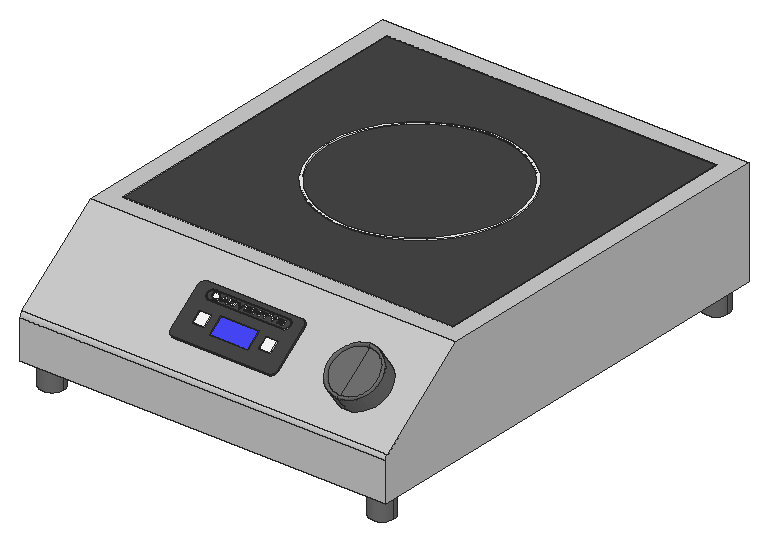
Revit family "QF_ADVENTYS_GLN_3500_K_250901092649", category Specialty Equipment, Revit 2021
Family settings
  Round Connector Dimension = Use Diameter
  Part Type = Normal
  OmniClass Number = 23.40.40.14
  OmniClass Title = Food Service Equipment
  Work Plane-Based = No
  Always vertical = Yes
  Cut with Voids When Loaded = No
  Shared = No
  Room Calculation Point = No
Parameters (values of type "ADV2030")
  Weight in Pounds [instance] = 0
  Weight = 4.40 kg
  Warranty Start Date [instance] = ""
  Warranty Duration [instance] = ""
  Volts [instance] = 230 V
  URL Recommended Spares List = ""
  URL Manufacturer = ""
  URL Cutsheet = ""
  URL Critical Spares List = ""
  URL = "www.adventys.com"
  Tag Number [instance] = ""
  Status [instance] = ""
  Specification by User [instance] = ""
  Specification by Manufacturer [instance] = ""
  Sound Level [instance] = ""
  Solid Fuel Type [instance] = ""
  Service Life Duration [instance] = ""
  Serial Number [instance] = ""
  Seismic Rating [instance] = ""
  SMACNA No [instance] = ""
  Revision Code [instance] = ""
  Revision [instance] = ""
  Production Year [instance] = ""
  Point Load [instance] = 0
  Phase [instance] = 1
  Other Equipment Approvals [instance] = ""
  Number of Poles [instance] = 2
  NAFEM Spec ID Number [instance] = ""
  Model Warning [instance] = ""
  Model = "GLN 3500 K"
  Min Ckt Ampacity [instance] = 0 A
  Max Overcurrent Protection [instance] = 25 A
  Masterspec [instance] = ""
  Manufacturer = "ADVENTYS"
  Length Actual = 310 mm
  Item Number [instance] = ""
  Installed By [instance] = ""
  Installation Date [instance] = ""
  Identify Quantity as Lot [instance] = no
  ID [instance] = ""
  Hygiene Approval [instance] = ""
  Hot Water Consumption = 0.0 L/s
  Height Actual = 126 mm
  HP power [instance] = ""
  Furnished By [instance] = ""
  Foodservice Equipment Identifier [instance] = no
  FL Amps [instance] = 16 A
  Electrical Remarks [instance] = ""
  Electric power [instance] = 0 W
  Electric Connection Type [instance] = ""
  Elec Conn RI Height [instance] = 0 mm
  Elec Conn Connection Height [instance] = 0 mm
  ETL Approved [instance] = no
  Description = "1 ZONE UNIT – FREESTANDING INDUCTION COOKING APPLIANCE - KNOB CONTROL PANEL"
  Depth Actual = 392 mm
  Default Elevation = 0 mm
  Cycle [instance] = 50 Hz
  Cost = 0
  Conn Plug [instance] = ""
  Conn Conduit [instance] = no
  CSI MasterFormat [instance] = ""
  CE Approved [instance] = no
  Barcode [instance] = 0
  Author [instance] = ""
  Asset Identifier [instance] = ""
  Apparent Power [instance] = 3500 VA
  Accessory = no
Reference planes
  plane 1 "Center (Front/Back)": y = 0
  plane 2: z = 0
  plane 3 "Center (Left/Right)": x = 0
Forms (mm)
  Extrusion 1, solid, not visible
    sketch origin (265.013, -25.001, 27.001) x (1, 0, 0) y (0, 1, 0)
      loop
        line (-2, 2) -> (-2, -2) -> (2, -2) -> (2, 2) -> (-2, 2)
    from -2 to 2
Dimensions and locks
  locked: nested 2 to Extrusion 1 at 2  (x2)
  aligned and locked: level to plane 2
Nested families
  nested 1: "QF_ADVENTYS_ADV2021_2916" at (0, 0, 0), type "ADV2030"
    with Status "", Show Logo yes, Show Clearance yes
  nested 2: "CONN_POINT_ELE_2D___Generic_Annotation" at (265.013, -25.001, 25.001), type "CONN_POINT_ELE_2D___Generic_Annotation"
    with Onboard connection annotation symbol visibility yes
Connectors
  electrical at (265.013, -25.001, 25.001), driven by "Apparent Power", driven by "Number of Poles", driven by "Volts"
    settings: on Extrusion 1, index 1, voltage 230 V, apparent load 0 VA, apparent load phase1 3500 VA, apparent load phase2 0 VA, apparent load phase3 0 VA, power factor 1, load classification "Other", number of poles 2, system type 31, power factor state 1, is connector primary yes, connector utility no, sub classification motor no, connector description "Electrical connection for GLN 3500 K"
Definition of nested family "QF_ADVENTYS_ADV2021_2916"
  Parameters (values of type "ADV2021")
    URL = "www.adventys.com"
    Status [instance] = ""
    Show Logo [instance] = yes
    Show Clearance [instance] = yes
    Model = "GLN 3000 K"
    Manufacturer = "ADVENTYS"
    Description = "1 ZONE UNIT – FREESTANDING INDUCTION COOKING APPLIANCE - KNOB CONTROL PANEL"
    Default Elevation = 0 mm
    Author = "SPECIFI"
    Assembly Code = "E1090320"
  Types (3, lengths in mm): name | Model
    ADV2030 | "GLN 3500 K"
    ADV2021 | "GLN 3000 K"
    ADV2029 | "GLN 2500 K"
  Reference planes
    plane 1 "Back": y = 0
    plane 2: z = 0
    plane 3 "Left": x = 0
    plane 4 "Right": x = 310
    plane 5 "Front": y = -385
    plane 6 "Top": z = 110
    plane 7: x = 155
    plane 8: y = -155
  Forms (mm)
    Extrusion 1, solid
      sketch origin (0, 0, 0) x (1, 0, 0) y (0, 1, 0)
        loop
          line (0, 0) -> (0, -310) -> (310, -310) -> (310, 0) -> (0, 0)
        loop
          line (15, -15) -> (15, -295) -> (295, -295) -> (295, -15) -> (15, -15)
      from 20 to 110
    Extrusion 2, solid
      sketch origin (0, 0, 0) x (1, 0, 0) y (0, 1, 0)
        loop
          line (15, -15) -> (15, -295) -> (295, -295) -> (295, -15) -> (15, -15)
      from 101.726 to 110
    Extrusion 3, solid
      sketch origin (0, 0, -19.538) x (1, 0, 0) y (0, 1, 0)
        loop
          circle (155, -155) r 80
        loop
          circle (155, -155) r 78
      from 128 to 130
    Extrusion 4, solid
      sketch origin (0, 0, 0) x (0, 1, 0) y (0, 0, 1)
        loop
          line (-310, 20) -> (-310, 110) -> (-382.957, 56.498)
          arc (-382.957, 56.498) -> (-384.46, 54.726) -> (-385, 52.466) r 5
          line (-385, 52.466) -> (-385, 20) -> (-310, 20)
      from 0 to 310
    Extrusion 5, solid
      sketch origin (0, 0, -81.726) x (1, 0, 0) y (0, 1, 0)
        loop
          line (15, -15) -> (15, -295) -> (295, -295) -> (295, -15) -> (15, -15)
      from 101.726 to 110
    Extrusion 6, solid
      sketch origin (0, 0, 0) x (1, 0, 0) y (0, 1, 0)
        loop
          circle (15, -15) r 10
        loop
          circle (295, -15) r 10
        loop
          circle (295, -370) r 10
        loop
          circle (15, -370) r 10
      from 0 to 20
    Extrusion 7, solid
      sketch origin (-4.081, 0, 0) x (0, 1, 0) y (0, 0, 1)
        loop
          line (0, 97.125) -> (0, 91.484) -> (5.641, 91.484)
          arc (5.641, 91.484) -> (3.989, 95.473) -> (0, 97.125) r 5.641
        loop
          line (0, 79.125) -> (0, 73.484) -> (5.641, 73.484)
          arc (5.641, 73.484) -> (3.989, 77.473) -> (0, 79.125) r 5.641
        loop
          line (0, 61.125) -> (0, 55.484) -> (5.641, 55.484)
          arc (5.641, 55.484) -> (3.989, 59.473) -> (0, 61.125) r 5.641
        loop
          line (0, 43.125) -> (0, 37.484) -> (5.641, 37.484)
          arc (5.641, 37.484) -> (3.989, 41.473) -> (0, 43.125) r 5.641
      from 140.518 to 177.644
    Extrusion 8, solid
      sketch origin (53.045, 0, 0) x (0, 1, 0) y (0, 0, 1)
        loop
          line (0, 97.125) -> (0, 91.484) -> (5.641, 91.484)
          arc (5.641, 91.484) -> (3.989, 95.473) -> (0, 97.125) r 5.641
        loop
          line (0, 79.125) -> (0, 73.484) -> (5.641, 73.484)
          arc (5.641, 73.484) -> (3.989, 77.473) -> (0, 79.125) r 5.641
        loop
          line (0, 61.125) -> (0, 55.484) -> (5.641, 55.484)
          arc (5.641, 55.484) -> (3.989, 59.473) -> (0, 61.125) r 5.641
        loop
          line (0, 43.125) -> (0, 37.484) -> (5.641, 37.484)
          arc (5.641, 37.484) -> (3.989, 41.473) -> (0, 43.125) r 5.641
      from 140.518 to 177.644
    Extrusion 9, solid
      sketch origin (110.172, 0, 0) x (0, 1, 0) y (0, 0, 1)
        loop
          line (0, 97.125) -> (0, 91.484) -> (5.641, 91.484)
          arc (5.641, 91.484) -> (3.989, 95.473) -> (0, 97.125) r 5.641
        loop
          line (0, 79.125) -> (0, 73.484) -> (5.641, 73.484)
          arc (5.641, 73.484) -> (3.989, 77.473) -> (0, 79.125) r 5.641
        loop
          line (0, 61.125) -> (0, 55.484) -> (5.641, 55.484)
          arc (5.641, 55.484) -> (3.989, 59.473) -> (0, 61.125) r 5.641
        loop
          line (0, 43.125) -> (0, 37.484) -> (5.641, 37.484)
          arc (5.641, 37.484) -> (3.989, 41.473) -> (0, 43.125) r 5.641
      from 140.518 to 177.644
    Extrusion 10, solid
      sketch origin (256.955, 0, 0) x (0, 1, 0) y (0, 0, -1)
        loop
          arc (0, -97.125) -> (3.989, -95.473) -> (5.641, -91.484) r 5.641
          line (5.641, -91.484) -> (0, -91.484) -> (0, -97.125)
        loop
          arc (0, -79.125) -> (3.989, -77.473) -> (5.641, -73.484) r 5.641
          line (5.641, -73.484) -> (0, -73.484) -> (0, -79.125)
        loop
          arc (0, -61.125) -> (3.989, -59.473) -> (5.641, -55.484) r 5.641
          line (5.641, -55.484) -> (0, -55.484) -> (0, -61.125)
        loop
          arc (0, -43.125) -> (3.989, -41.473) -> (5.641, -37.484) r 5.641
          line (5.641, -37.484) -> (0, -37.484) -> (0, -43.125)
      from 140.518 to 177.644
    Extrusion 11, solid
      sketch origin (199.828, 0, 0) x (0, 1, 0) y (0, 0, -1)
        loop
          arc (0, -97.125) -> (3.989, -95.473) -> (5.641, -91.484) r 5.641
          line (5.641, -91.484) -> (0, -91.484) -> (0, -97.125)
        loop
          arc (0, -79.125) -> (3.989, -77.473) -> (5.641, -73.484) r 5.641
          line (5.641, -73.484) -> (0, -73.484) -> (0, -79.125)
        loop
          arc (0, -61.125) -> (3.989, -59.473) -> (5.641, -55.484) r 5.641
          line (5.641, -55.484) -> (0, -55.484) -> (0, -61.125)
        loop
          arc (0, -43.125) -> (3.989, -41.473) -> (5.641, -37.484) r 5.641
          line (5.641, -37.484) -> (0, -37.484) -> (0, -43.125)
      from 140.518 to 177.644
    Extrusion 12, solid
      sketch origin (110, -10, 0) x (1, 0, 0) y (0, 1, 0)
        loop
          circle (155, -15) r 10
      from 17.922 to 20
    Revolve 13, solid
      sketch origin (265, -4.395, -3.223) x (0, 1, 0) y (0, 0, 1)
        loop
          line (-346.478, 83.249) -> (-341.176, 87.138) -> (-342.359, 88.75) -> (-329.939, 97.858) -> (-339.267, 110.578)
          arc (-339.267, 110.578) -> (-340.808, 110.655) -> (-341.198, 109.163) r 1.223
          line (-341.198, 109.163) -> (-356.989, 97.582) -> (-346.478, 83.249)
        axis (-356.989, 97.582) -> (-346.478, 83.249)
      angle from 0 to 360
    Extrusion 14, solid
      sketch origin (0, 13.512, 168.672) x (1, 0, 0) y (0, 0.806405, 0.591364)
        loop
          arc (115, -319.77) -> (111.464, -321.234) -> (110, -324.77) r 5
          line (110, -324.77) -> (110, -359.77)
          arc (110, -359.77) -> (111.464, -363.305) -> (115, -364.77) r 5
          line (115, -364.77) -> (195.178, -364.77)
          arc (195.178, -364.77) -> (198.713, -363.305) -> (200.178, -359.77) r 5
          line (200.178, -359.77) -> (200.178, -324.77)
          arc (200.178, -324.77) -> (198.713, -321.234) -> (195.178, -319.77) r 5
          line (195.178, -319.77) -> (115, -319.77)
        loop
          line (121.885, -341.532) -> (121.885, -349.532)
          arc (121.885, -349.532) -> (122.178, -350.239) -> (122.885, -350.532) r 1
          line (122.885, -350.532) -> (130.885, -350.532)
          arc (130.885, -350.532) -> (131.592, -350.239) -> (131.885, -349.532) r 1
          line (131.885, -349.532) -> (131.885, -341.532)
          arc (131.885, -341.532) -> (131.592, -340.825) -> (130.885, -340.532) r 1
          line (130.885, -340.532) -> (122.885, -340.532)
          arc (122.885, -340.532) -> (122.178, -340.825) -> (121.885, -341.532) r 1
        loop
          arc (188.115, -341.532) -> (187.822, -340.825) -> (187.115, -340.532) r 1
          line (187.115, -340.532) -> (179.115, -340.532)
          arc (179.115, -340.532) -> (178.408, -340.825) -> (178.115, -341.532) r 1
          line (178.115, -341.532) -> (178.115, -349.532)
          arc (178.115, -349.532) -> (178.408, -350.239) -> (179.115, -350.532) r 1
          line (179.115, -350.532) -> (187.115, -350.532)
          arc (187.115, -350.532) -> (187.822, -350.239) -> (188.115, -349.532) r 1
          line (188.115, -349.532) -> (188.115, -341.532)
        loop
          line (138.871, -338.85) -> (138.871, -353.85) -> (171.085, -353.85) -> (171.085, -338.85) -> (138.871, -338.85)
      from 143 to 145
    Extrusion 15, solid
      sketch origin (0, 13.512, 168.672) x (1, 0, 0) y (0, 0.806405, 0.591364)
        loop
          arc (122.885, -340.532) -> (122.178, -340.825) -> (121.885, -341.532) r 1
          line (121.885, -341.532) -> (121.885, -349.532)
          arc (121.885, -349.532) -> (122.178, -350.239) -> (122.885, -350.532) r 1
          line (122.885, -350.532) -> (130.885, -350.532)
          arc (130.885, -350.532) -> (131.592, -350.239) -> (131.885, -349.532) r 1
          line (131.885, -349.532) -> (131.885, -341.532)
          arc (131.885, -341.532) -> (131.592, -340.825) -> (130.885, -340.532) r 1
          line (130.885, -340.532) -> (122.885, -340.532)
        loop
          line (187.115, -340.532) -> (179.115, -340.532)
          arc (179.115, -340.532) -> (178.408, -340.825) -> (178.115, -341.532) r 1
          line (178.115, -341.532) -> (178.115, -349.532)
          arc (178.115, -349.532) -> (178.408, -350.239) -> (179.115, -350.532) r 1
          line (179.115, -350.532) -> (187.115, -350.532)
          arc (187.115, -350.532) -> (187.822, -350.239) -> (188.115, -349.532) r 1
          line (188.115, -349.532) -> (188.115, -341.532)
          arc (188.115, -341.532) -> (187.822, -340.825) -> (187.115, -340.532) r 1
      from 143 to 145
    Extrusion 16, solid, visible <- "Show Logo"
      sketch origin (36.316, 110.067, 200.081) x (1, 0, 0) y (0, 0.806405, 0.591364)
        loop
          arc (88.581, -421.313) -> (88.113, -421.507) -> (87.92, -421.974) r 0.661
          line (87.92, -421.974) -> (87.92, -423.61)
          arc (87.92, -423.61) -> (88.124, -424.087) -> (88.609, -424.27) r 0.661
          line (88.609, -424.27) -> (88.609, -423.032)
          arc (88.609, -423.032) -> (88.952, -422.351) -> (89.662, -422.077) r 1.058
          line (89.662, -422.077) -> (92.486, -422.077)
          arc (92.486, -422.077) -> (92.335, -421.544) -> (91.833, -421.313) r 0.661
          line (91.833, -421.313) -> (88.581, -421.313)
        loop
          arc (88.581, -420.916) -> (87.833, -421.226) -> (87.523, -421.974) r 1.058
          line (87.523, -421.974) -> (87.523, -423.61)
          arc (87.523, -423.61) -> (87.843, -424.368) -> (88.609, -424.667) r 1.058
          arc (88.609, -424.667) -> (88.88, -425.483) -> (89.667, -425.828) r 1.058
          arc (89.667, -425.828) -> (89.974, -426.583) -> (90.725, -426.896) r 1.058
          line (90.725, -426.896) -> (93.719, -426.896)
          arc (93.719, -426.896) -> (94.467, -426.586) -> (94.777, -425.838) r 1.058
          line (94.777, -425.838) -> (94.777, -424.306)
          arc (94.777, -424.306) -> (94.463, -423.554) -> (93.708, -423.248) r 1.058
          arc (93.708, -423.248) -> (93.515, -422.517) -> (92.883, -422.101) r 1.058
          arc (92.883, -422.101) -> (92.625, -421.273) -> (91.833, -420.916) r 1.058
          line (91.833, -420.916) -> (88.581, -420.916)
        loop
          arc (93.719, -426.499) -> (94.187, -426.306) -> (94.38, -425.838) r 0.661
          line (94.38, -425.838) -> (94.38, -424.306)
          arc (94.38, -424.306) -> (94.185, -423.837) -> (93.714, -423.645) r 0.661
          line (93.714, -423.645) -> (93.714, -424.77)
          arc (93.714, -424.77) -> (93.404, -425.518) -> (92.656, -425.828) r 1.058
          line (92.656, -425.828) -> (90.064, -425.828)
          arc (90.064, -425.828) -> (90.254, -426.302) -> (90.725, -426.499) r 0.661
          line (90.725, -426.499) -> (93.719, -426.499)
        loop
          arc (95.546, -425.156) -> (95.587, -425.684) -> (96.116, -425.67) r 0.384
          line (96.116, -425.67) -> (96.845, -424.94) -> (99.743, -424.94) -> (100.472, -425.67)
          arc (100.472, -425.67) -> (101.001, -425.684) -> (101.042, -425.156) r 0.384
          line (101.042, -425.156) -> (98.294, -421.762) -> (95.546, -425.156)
        loop
          line (98.294, -423.127) -> (97.364, -424.275) -> (99.224, -424.275) -> (98.294, -423.127)
        loop
          line (102.315, -421.827) -> (102.315, -425.732) -> (105.995, -425.732)
          arc (105.995, -425.732) -> (107.947, -423.78) -> (105.995, -421.827) r 1.953
          line (105.995, -421.827) -> (102.315, -421.827)
        loop
          line (105.995, -422.854) -> (103.343, -422.854) -> (103.343, -424.705) -> (105.995, -424.705)
          arc (105.995, -424.705) -> (106.92, -423.78) -> (105.995, -422.854) r 0.925
        loop
          arc (109.84, -422.053) -> (109.312, -422.039) -> (109.27, -422.566) r 0.384
          line (109.27, -422.566) -> (112.019, -425.961) -> (114.767, -422.566)
          arc (114.767, -422.566) -> (114.725, -422.039) -> (114.197, -422.053) r 0.384
          line (114.197, -422.053) -> (112.019, -424.743) -> (109.84, -422.053)
        loop
          line (121.269, -421.781) -> (116.07, -421.781) -> (116.07, -425.732) -> (121.269, -425.732)
          arc (121.269, -425.732) -> (121.671, -425.331) -> (121.269, -424.93) r 0.401
          line (121.269, -424.93) -> (116.972, -424.93) -> (116.972, -424.139) -> (121.269, -424.139)
          arc (121.269, -424.139) -> (121.633, -423.775) -> (121.269, -423.412) r 0.363
          line (121.269, -423.412) -> (116.972, -423.412) -> (116.972, -422.583) -> (121.269, -422.583)
          arc (121.269, -422.583) -> (121.671, -422.182) -> (121.269, -421.781) r 0.401
        loop
          line (122.879, -422.331) -> (122.879, -425.274)
          arc (122.879, -425.274) -> (123.306, -425.701) -> (123.733, -425.274) r 0.427
          line (123.733, -425.274) -> (123.733, -423.122) -> (127.538, -425.5)
          arc (127.538, -425.5) -> (128.155, -425.516) -> (128.468, -424.984) r 0.608
          line (128.468, -424.984) -> (128.468, -422.254)
          arc (128.468, -422.254) -> (128.018, -421.804) -> (127.568, -422.254) r 0.45
          line (127.568, -422.254) -> (127.568, -424.337) -> (123.663, -421.897)
          arc (123.663, -421.897) -> (123.143, -421.883) -> (122.879, -422.331) r 0.513
        loop
          arc (130.273, -421.857) -> (129.778, -422.352) -> (130.273, -422.846) r 0.494
          line (130.273, -422.846) -> (132.065, -422.846) -> (132.065, -425.082)
          arc (132.065, -425.082) -> (132.54, -425.558) -> (133.016, -425.082) r 0.475
          line (133.016, -425.082) -> (133.016, -422.846) -> (134.724, -422.846)
          arc (134.724, -422.846) -> (135.218, -422.352) -> (134.724, -421.857) r 0.494
          line (134.724, -421.857) -> (130.273, -421.857)
        loop
          line (139.461, -423.175) -> (137.5, -421.853)
          arc (137.5, -421.853) -> (136.836, -421.982) -> (136.965, -422.646) r 0.479
          line (136.965, -422.646) -> (138.926, -423.969) -> (138.926, -425.108)
          arc (138.926, -425.108) -> (139.461, -425.643) -> (139.997, -425.108) r 0.535
          line (139.997, -425.108) -> (139.997, -423.969) -> (141.958, -422.646)
          arc (141.958, -422.646) -> (142.087, -421.982) -> (141.423, -421.853) r 0.479
          line (141.423, -421.853) -> (139.461, -423.175)
        loop
          line (148.501, -421.857) -> (144.795, -421.857)
          arc (144.795, -421.857) -> (143.661, -422.991) -> (144.795, -424.125) r 1.134
          line (144.795, -424.125) -> (147.852, -424.125)
          arc (147.852, -424.125) -> (148.265, -424.538) -> (147.852, -424.951) r 0.413
          line (147.852, -424.951) -> (144.128, -424.951)
          arc (144.128, -424.951) -> (143.786, -425.292) -> (144.128, -425.634) r 0.342
          line (144.128, -425.634) -> (148.218, -425.634)
          arc (148.218, -425.634) -> (148.994, -424.394) -> (147.885, -423.44) r 1.122
          line (147.885, -423.44) -> (144.736, -423.44)
          arc (144.736, -423.44) -> (144.286, -422.99) -> (144.736, -422.541) r 0.45
          line (144.736, -422.541) -> (148.501, -422.541)
          arc (148.501, -422.541) -> (148.843, -422.199) -> (148.501, -421.857) r 0.342
        loop
          arc (87.442, -420.162) -> (83.674, -423.931) -> (87.442, -427.699) r 3.769
          line (87.442, -427.699) -> (150.103, -427.699)
          arc (150.103, -427.699) -> (153.872, -423.931) -> (150.103, -420.162) r 3.769
          line (150.103, -420.162) -> (87.442, -420.162)
        loop
          arc (87.442, -419.771) -> (83.283, -423.931) -> (87.442, -428.091) r 4.16
          line (87.442, -428.091) -> (150.103, -428.091)
          arc (150.103, -428.091) -> (154.263, -423.931) -> (150.103, -419.771) r 4.16
          line (150.103, -419.771) -> (87.442, -419.771)
      from 176.77 to 176.97
    Extrusion 17, solid
      sketch origin (16.986, 13.512, 168.672) x (1, 0, 0) y (0, 0.806405, 0.591364)
        loop
          line (154.098, -338.85) -> (121.885, -338.85) -> (121.885, -353.85) -> (154.098, -353.85) -> (154.098, -338.85)
      from 143 to 145
  Cuts and joins
    joined: Extrusion 1, Extrusion 4
  Lines and regions (mm)
    symbolic lines
      curve 1: line (310, 0, 0) -> (0, 0, 0)
      curve 2: line (0, 0, 0) -> (0, -385, 0)
      curve 3: line (310, -385, 0) -> (310, 0, 0)
      curve 4: line (0, -385, 0) -> (310, -385, 0)
      curve 5: circle (155, -155, 0) r 78 normal (0, 0, -1)
      curve 6: line (310, -310, 0) -> (0, -310, 0)
      curve 7: line (15, -15, 0) -> (15, -295, 0)
      curve 8: line (295, -15, 0) -> (15, -15, 0)
      curve 9: line (295, -295, 0) -> (295, -15, 0)
      curve 10: line (15, -295, 0) -> (295, -295, 0)
      curve 11: line (200.178, -362.356, 0) -> (200.178, -334.132, 0)
      curve 12: spline (200.178, -334.132, 0) -> (200.135, -333.606, 0) -> (200.008, -333.088, 0) -> (199.797, -332.589, 0) -> (199.508, -332.116, 0) -> (199.145, -331.677, 0) -> (198.713, -331.281, 0) -> (198.222, -330.933, 0) -> (197.678, -330.64, 0) -> (197.091, -330.407, 0) -> (196.472, -330.237, 0) -> (195.831, -330.134, 0) -> (195.178, -330.1, 0)
      curve 13: line (195.178, -330.1, 0) -> (115, -330.1, 0)
      curve 14: spline (195.178, -366.388, 0) -> (195.831, -366.354, 0) -> (196.472, -366.251, 0) -> (197.091, -366.081, 0) -> (197.678, -365.848, 0) -> (198.222, -365.555, 0) -> (198.713, -365.207, 0) -> (199.145, -364.811, 0) -> (199.508, -364.372, 0) -> (199.797, -363.899, 0) -> (200.008, -363.4, 0) -> (200.135, -362.882, 0) -> (200.178, -362.356, 0)
      curve 15: line (115, -366.388, 0) -> (195.178, -366.388, 0)
      curve 16: spline (110, -362.356, 0) -> (110.043, -362.882, 0) -> (110.17, -363.4, 0) -> (110.381, -363.899, 0) -> (110.67, -364.372, 0) -> (111.033, -364.811, 0) -> (111.464, -365.207, 0) -> (111.956, -365.555, 0) -> (112.5, -365.848, 0) -> (113.087, -366.081, 0) -> (113.706, -366.251, 0) -> (114.347, -366.354, 0) -> (115, -366.388, 0)
      curve 17: line (110, -334.132, 0) -> (110, -362.356, 0)
      curve 18: spline (115, -330.1, 0) -> (114.347, -330.134, 0) -> (113.706, -330.237, 0) -> (113.087, -330.407, 0) -> (112.5, -330.64, 0) -> (111.956, -330.933, 0) -> (111.464, -331.281, 0) -> (111.033, -331.677, 0) -> (110.67, -332.116, 0) -> (110.381, -332.589, 0) -> (110.17, -333.088, 0) -> (110.043, -333.606, 0) -> (110, -334.132, 0)
      curve 19: line (131.885, -354.1, 0) -> (131.885, -347.649, 0)
      curve 20: line (121.885, -347.649, 0) -> (121.885, -354.1, 0)
      curve 21: line (130.885, -346.842, 0) -> (122.885, -346.842, 0)
      curve 22: line (122.885, -354.907, 0) -> (130.885, -354.907, 0)
      curve 23: spline (130.885, -354.907, 0) -> (131.015, -354.9, 0) -> (131.143, -354.879, 0) -> (131.267, -354.845, 0) -> (131.385, -354.798, 0) -> (131.493, -354.74, 0) -> (131.592, -354.67, 0) -> (131.678, -354.591, 0) -> (131.751, -354.503, 0) -> (131.809, -354.409, 0) -> (131.851, -354.309, 0) -> (131.876, -354.205, 0) -> (131.885, -354.1, 0)
      curve 24: spline (131.885, -347.649, 0) -> (131.876, -347.544, 0) -> (131.851, -347.44, 0) -> (131.809, -347.34, 0) -> (131.751, -347.246, 0) -> (131.678, -347.158, 0) -> (131.592, -347.079, 0) -> (131.493, -347.009, 0) -> (131.385, -346.95, 0) -> (131.267, -346.904, 0) -> (131.143, -346.87, 0) -> (131.015, -346.849, 0) -> (130.885, -346.842, 0)
      curve 25: spline (121.885, -347.649, 0) -> (121.893, -347.544, 0) -> (121.919, -347.44, 0) -> (121.961, -347.34, 0) -> (122.019, -347.246, 0) -> (122.091, -347.158, 0) -> (122.178, -347.079, 0) -> (122.276, -347.009, 0) -> (122.385, -346.95, 0) -> (122.502, -346.904, 0) -> (122.626, -346.87, 0) -> (122.754, -346.849, 0) -> (122.885, -346.842, 0)
      curve 26: spline (122.885, -354.907, 0) -> (122.754, -354.9, 0) -> (122.626, -354.879, 0) -> (122.502, -354.845, 0) -> (122.385, -354.798, 0) -> (122.276, -354.74, 0) -> (122.178, -354.67, 0) -> (122.091, -354.591, 0) -> (122.019, -354.503, 0) -> (121.961, -354.409, 0) -> (121.919, -354.309, 0) -> (121.893, -354.205, 0) -> (121.885, -354.1, 0)
      curve 27: line (171.085, -357.582, 0) -> (171.085, -345.486, 0)
      curve 28: line (171.085, -345.486, 0) -> (138.871, -345.486, 0)
      curve 29: line (138.871, -345.486, 0) -> (138.871, -357.582, 0)
      curve 30: line (138.871, -357.582, 0) -> (171.085, -357.582, 0)
      curve 31: line (178.115, -347.649, 0) -> (178.115, -354.1, 0)
      curve 32: spline (179.115, -346.842, 0) -> (178.985, -346.849, 0) -> (178.857, -346.87, 0) -> (178.733, -346.904, 0) -> (178.615, -346.95, 0) -> (178.507, -347.009, 0) -> (178.408, -347.079, 0) -> (178.322, -347.158, 0) -> (178.249, -347.246, 0) -> (178.191, -347.34, 0) -> (178.149, -347.44, 0) -> (178.124, -347.544, 0) -> (178.115, -347.649, 0)
      curve 33: line (187.115, -346.842, 0) -> (179.115, -346.842, 0)
      curve 34: line (188.115, -354.1, 0) -> (188.115, -347.649, 0)
      curve 35: spline (188.115, -347.649, 0) -> (188.107, -347.544, 0) -> (188.081, -347.44, 0) -> (188.039, -347.34, 0) -> (187.981, -347.246, 0) -> (187.909, -347.158, 0) -> (187.822, -347.079, 0) -> (187.724, -347.009, 0) -> (187.615, -346.95, 0) -> (187.498, -346.904, 0) -> (187.374, -346.87, 0) -> (187.246, -346.849, 0) -> (187.115, -346.842, 0)
      curve 36: spline (187.115, -354.907, 0) -> (187.246, -354.9, 0) -> (187.374, -354.879, 0) -> (187.498, -354.845, 0) -> (187.615, -354.798, 0) -> (187.724, -354.74, 0) -> (187.822, -354.67, 0) -> (187.909, -354.591, 0) -> (187.981, -354.503, 0) -> (188.039, -354.409, 0) -> (188.081, -354.309, 0) -> (188.107, -354.205, 0) -> (188.115, -354.1, 0)
      curve 37: line (179.115, -354.907, 0) -> (187.115, -354.907, 0)
      curve 38: spline (179.115, -354.907, 0) -> (178.985, -354.9, 0) -> (178.857, -354.879, 0) -> (178.733, -354.845, 0) -> (178.615, -354.798, 0) -> (178.507, -354.74, 0) -> (178.408, -354.67, 0) -> (178.322, -354.591, 0) -> (178.249, -354.503, 0) -> (178.191, -354.409, 0) -> (178.149, -354.309, 0) -> (178.124, -354.205, 0) -> (178.115, -354.1, 0)
      curve 39: spline (265, -334.334, 0) -> (267.869, -334.486, 0) -> (270.688, -334.938, 0) -> (273.41, -335.683, 0) -> (275.988, -336.708, 0) -> (278.379, -337.996, 0) -> (280.54, -339.525, 0) -> (282.435, -341.267, 0) -> (284.032, -343.195, 0) -> (285.304, -345.274, 0) -> (286.228, -347.469, 0) -> (286.789, -349.743, 0) -> (286.977, -352.056, 0)
      curve 40: spline (243.023, -352.056, 0) -> (243.211, -349.743, 0) -> (243.772, -347.469, 0) -> (244.696, -345.274, 0) -> (245.968, -343.195, 0) -> (247.565, -341.267, 0) -> (249.46, -339.525, 0) -> (251.621, -337.996, 0) -> (254.012, -336.708, 0) -> (256.59, -335.683, 0) -> (259.312, -334.938, 0) -> (262.131, -334.486, 0) -> (265, -334.334, 0)
      curve 41: spline (265, -343.662, 0) -> (270.688, -344.266, 0) -> (275.988, -346.036, 0) -> (280.54, -348.853, 0) -> (284.032, -352.523, 0) -> (286.228, -356.797, 0) -> (286.977, -361.384, 0) -> (286.228, -365.971, 0) -> (284.032, -370.245, 0) -> (280.54, -373.916, 0) -> (275.988, -376.732, 0) -> (270.688, -378.502, 0) -> (265, -379.106, 0)
      curve 42: spline (265, -379.106, 0) -> (259.312, -378.502, 0) -> (254.012, -376.732, 0) -> (249.46, -373.916, 0) -> (245.968, -370.245, 0) -> (243.772, -365.971, 0) -> (243.023, -361.384, 0) -> (243.772, -356.797, 0) -> (245.968, -352.523, 0) -> (249.46, -348.853, 0) -> (254.012, -346.036, 0) -> (259.312, -344.266, 0) -> (265, -343.662, 0)
      curve 43: line (243.023, -352.056, 0) -> (243.023, -361.384, 0)
      curve 44: line (286.977, -352.056, 0) -> (286.977, -361.384, 0)
  Dimensions and locks
    aligned and locked: level to plane 2
Definition of nested family "CONN_POINT_ELE_2D___Generic_Annotation"
  Parameters (values of type "CONN_POINT_ELE_2D___Generic_Annotation")
    Onboard connection annotation symbol visibility [instance] = yes
  Reference planes
    plane 1: y = 0
    plane 2: x = 0
  Lines and regions (mm)
    detail lines, visible <- "Onboard connection annotation symbol visibility"
      curve 1: circle (0, 0, 0) r 0.5 normal (0, 0, 1)
      curve 2: line (-1, 0, 0) -> (1, 0, 0)
      curve 3: line (0, 1, 0) -> (0, -1, 0)
      curve 4: line (2.5, 1, 0) -> (1.25, 1, 0)
      curve 5: line (1.25, 1, 0) -> (1.25, -1, 0)
      curve 6: line (1.25, -1, 0) -> (2.5, -1, 0)
      curve 7: line (1.25, 0, 0) -> (2, 0, 0)
